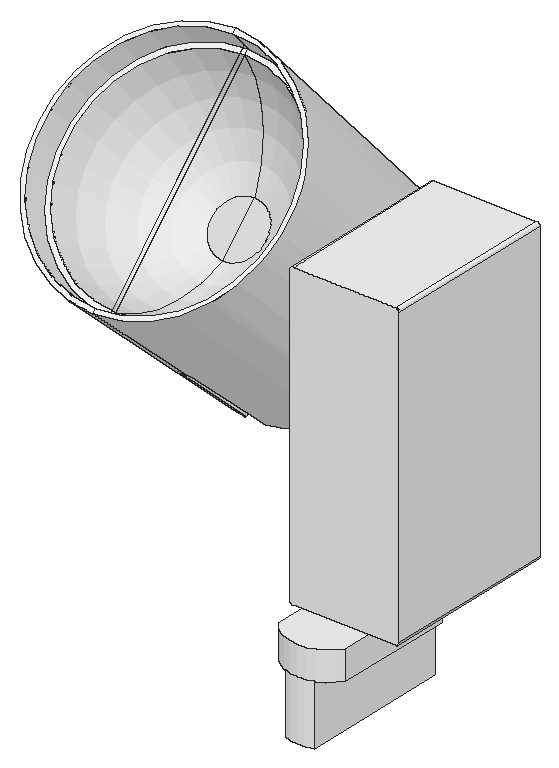
Revit family "0004869 Feilo Sylvania Lighting Fixture START TRACK SPOT L 55W 3K RA90 MB WHITE", category Lighting Fixtures, host Face, Revit 2017 (continued)
Definition of nested family "Start Track Spot Head"
  Types (96, lengths in mm): name | Wattage | built-in parameter 1150134 | Photometric Web File | Model | built-in parameter 1150105 | Lumens | built-in parameter 1150107 | built-in parameter 1150106 | HeadThickness_FEILO | HeadRibOffset_FEILO | HeadRibDepth_FEILO | HeadRibCutWidth_FEILO | HeadRibCutOffset_FEILO | HeadReflectorRadius_FEILO | HeadReflectorOffset_FEILO | HeadLEDRadius_FEILO | HeadHeight_FEILO | HeadDiffusorOffset_FEILO | HeadDiaOut_FEILO | HeadDiaIn_FEILO | HeadAxisFromTop_FEILO | Emit from Circle Diameter | built-in parameter 1150104 | Description | Apparent Load
    0004864 START TRACK SPOT S 24W 3K RA90 WB WHITE | 24 W | (empty or 0) | "0004864.ies" | "START TRACK SPOT S 24W 3K RA90 WB WHITE" | 152.79 (stored number, unit not read) | 1920 lm | 3000 (stored number, unit not read) | 1.5279 (stored number, unit not read) | 1.5 | 4.179 | 55.714 | 7.167 | 50.87 | 50.588 | 55.714 | 9.556 | 117 | 9.435 | 86 | 77.477 | 69.354 | 77.477 | 7.4322 (stored number, unit not read) | "Integrated LED spotlight, Textured White - RAL9016, compact and minimalist design, ideal for retail applications, die-cast aluminium body, passive cooling heatsink. Beam angle: 64°, color temperature: 3000K , total system power: 24W, total fixture output: 1928 lm, LOR: 100%, colour rendering: Ra: 90 typical, LED Chromaticity: 3 step MacAdam ellipse, lifetime: >50000 hours at L70B50, energy class: A++, A+, A, IR/UV free light source without heat radiation, operating voltage: 220-240V / 50-60Hz, drive current: 600mA, electronic driver, non-dimmable, power factor: 0.95, electrical protection: Class II, Global Track 3 Phase adapter suitable for Global trac 3-circuit tracks, ingress protection rating: IP20, suitable for internal environment only, horizontal rotation: 355°, vertical tilt: 90°, dimensions: Ø86x140x200, weight: 0.966kg." | 24 VA
    0004863 START TRACK SPOT S 24W 3K RA90 MB WHITE | 24 W | (empty or 0) | "0004863.ies" | "START TRACK SPOT S 24W 3K RA90 MB WHITE" | 154.7 (stored number, unit not read) | 1944 lm | 3000 (stored number, unit not read) | 1.547 (stored number, unit not read) | 1.5 | 4.179 | 55.714 | 7.167 | 50.87 | 50.588 | 55.714 | 9.556 | 117 | 9.435 | 86 | 77.477 | 69.354 | 77.477 | 7.5251 (stored number, unit not read) | "Integrated LED spotlight, Textured White - RAL9016, compact and minimalist design, ideal for retail applications, die-cast aluminium body, passive cooling heatsink. Beam angle: 36°, color temperature: 3000K , total system power: 24W, total fixture output: 1944 lm, LOR: 100%, colour rendering: Ra: 90 typical, LED Chromaticity: 3 step MacAdam ellipse, lifetime: >50000 hours at L70B50, energy class: A++, A+, A, IR/UV free light source without heat radiation, operating voltage: 220-240V / 50-60Hz, drive current: 600mA, electronic driver, non-dimmable, power factor: 0.95, electrical protection: Class II, Global Track 3 Phase adapter suitable for Global trac 3-circuit tracks, ingress protection rating: IP20, suitable for internal environment only, horizontal rotation: 355°, vertical tilt: 90°, dimensions: Ø86x140x200, weight: 0.966kg." | 24 VA
    0004862 START TRACK SPOT S 24W 3K RA90 NB WHITE | 24 W | (empty or 0) | "0004862.ies" | "START TRACK SPOT S 24W 3K RA90 NB WHITE" | 158.52 (stored number, unit not read) | 1992 lm | 3000 (stored number, unit not read) | 1.5852 (stored number, unit not read) | 1.5 | 4.179 | 55.714 | 7.167 | 50.87 | 50.588 | 55.714 | 9.556 | 117 | 9.435 | 86 | 77.477 | 69.354 | 77.477 | 7.711 (stored number, unit not read) | "Integrated LED spotlight, Textured White - RAL9016, compact and minimalist design, ideal for retail applications, die-cast aluminium body, passive cooling heatsink. Beam angle: 12°, color temperature: 3000K , total system power: 24W, total fixture output: 1987 lm, LOR: 100%, colour rendering: Ra: 90 typical, LED Chromaticity: 3 step MacAdam ellipse, lifetime: >50000 hours at L70B50, energy class: A++, A+, A, IR/UV free light source without heat radiation, operating voltage: 220-240V / 50-60Hz, drive current: 600mA, electronic driver, non-dimmable, power factor: 0.95, electrical protection: Class II, Global Track 3 Phase adapter suitable for Global trac 3-circuit tracks, ingress protection rating: IP20, suitable for internal environment only, horizontal rotation: 355°, vertical tilt: 90°, dimensions: Ø86x140x200, weight: 0.966kg." | 24 VA
    0004861 START TRACK SPOT S 14W 3K RA90 WB WHITE | 14 W | (empty or 0) | "0004861.ies" | "START TRACK SPOT S 14W 3K RA90 WB WHITE" | 100.27 (stored number, unit not read) | 1260 lm | 3000 (stored number, unit not read) | 1.0027 (stored number, unit not read) | 1.5 | 4.179 | 55.714 | 7.167 | 50.87 | 50.588 | 55.714 | 9.556 | 117 | 9.435 | 86 | 77.477 | 69.354 | 77.477 | 8.3613 (stored number, unit not read) | "Integrated LED spotlight, Textured White - RAL9016, compact and minimalist design, ideal for retail applications, die-cast aluminium body, passive cooling heatsink. Beam angle: 64°, color temperature: 3000K , total system power: 14W, total fixture output: 1262 lm, LOR: 100%, colour rendering: Ra: 90 typical, LED Chromaticity: 3 step MacAdam ellipse, lifetime: >50000 hours at L70B50, energy class: A++, A+, A, IR/UV free light source without heat radiation, operating voltage: 220-240V / 50-60Hz, drive current: 350mA, electronic driver, non-dimmable, power factor: 0.92, electrical protection: Class II, Global Track 3 Phase adapter suitable for Global trac 3-circuit tracks, ingress protection rating: IP20, suitable for internal environment only, horizontal rotation: 355°, vertical tilt: 90°, dimensions: Ø86x140x200, weight: 0.940kg." | 14 VA
    0004860 START TRACK SPOT S 14W 3K RA90 MB WHITE | 14 W | (empty or 0) | "0004860.ies" | "START TRACK SPOT S 14W 3K RA90 MB WHITE" | 100.27 (stored number, unit not read) | 1260 lm | 3000 (stored number, unit not read) | 1.0027 (stored number, unit not read) | 1.5 | 4.179 | 55.714 | 7.167 | 50.87 | 50.588 | 55.714 | 9.556 | 117 | 9.435 | 86 | 77.477 | 69.354 | 77.477 | 8.3613 (stored number, unit not read) | "Integrated LED spotlight, Textured White - RAL9016, compact and minimalist design, ideal for retail applications, die-cast aluminium body, passive cooling heatsink. Beam angle: 36°, color temperature: 3000K , total system power: 14W, total fixture output: 1262 lm, LOR: 100%, colour rendering: Ra: 90 typical, LED Chromaticity: 3 step MacAdam ellipse, lifetime: >50000 hours at L70B50, energy class: A++, A+, A, IR/UV free light source without heat radiation, operating voltage: 220-240V / 50-60Hz, drive current: 350mA, electronic driver, non-dimmable, power factor: 0.92, electrical protection: Class II, Global Track 3 Phase adapter suitable for Global trac 3-circuit tracks, ingress protection rating: IP20, suitable for internal environment only, horizontal rotation: 355°, vertical tilt: 90°, dimensions: Ø86x140x200, weight: 0.940kg." | 14 VA
    0004859 START TRACK SPOT S 14W 3K RA90 NB WHITE | 14 W | (empty or 0) | "0004859.ies" | "START TRACK SPOT S 14W 3K RA90 NB WHITE" | 102.5 (stored number, unit not read) | 1288 lm | 3000 (stored number, unit not read) | 1.025 (stored number, unit not read) | 1.5 | 4.179 | 55.714 | 7.167 | 50.87 | 50.588 | 55.714 | 9.556 | 117 | 9.435 | 86 | 77.477 | 69.354 | 77.477 | 8.5471 (stored number, unit not read) | "Integrated LED spotlight, Textured White - RAL9016, compact and minimalist design, ideal for retail applications, die-cast aluminium body, passive cooling heatsink. Beam angle: 12°, color temperature: 3000K , total system power: 14W, total fixture output: 1284 lm, LOR: 100%, colour rendering: Ra: 90 typical, LED Chromaticity: 3 step MacAdam ellipse, lifetime: >50000 hours at L70B50, energy class: A++, A+, A, IR/UV free light source without heat radiation, operating voltage: 220-240V / 50-60Hz, drive current: 350mA, electronic driver, non-dimmable, power factor: 0.92, electrical protection: Class II, Global Track 3 Phase adapter suitable for Global trac 3-circuit tracks, ingress protection rating: IP20, suitable for internal environment only, horizontal rotation: 355°, vertical tilt: 90°, dimensions: Ø86x140x200, weight: 0.940kg." | 14 VA
    0004858 START TRACK SPOT L 55W 4K RA80 WB BLACK | 55 W | 12 | "0004858.ies" | "START TRACK SPOT L 55W 4K RA80 WB BLACK" | 424.55 (stored number, unit not read) | 5335 lm | 4000 (stored number, unit not read) | 4.2455 (stored number, unit not read) | 2 | 4.429 | 59.048 | 9.417 | 53.913 | 66.471 | 59.048 | 12.556 | 124 | 10 | 113 | 101.802 | 73.503 | 101.802 | 9.0116 (stored number, unit not read) | "Integrated LED spotlight, Textured Black - RAL9005, compact and minimalist design, ideal for retail applications, die-cast aluminium body, passive cooling heatsink. Beam angle: 52°, color temperature: 4000K , total system power: 55W, total fixture output: 5320 lm, LOR: 100%, colour rendering: Ra: 80 typical, LED Chromaticity: 3 step MacAdam ellipse, lifetime: >50000 hours at L70B50, energy class: A++, A+, A, IR/UV free light source without heat radiation, operating voltage: 220-240V / 50-60Hz, drive current: 1400mA, electronic driver, non-dimmable, power factor: 0.96, electrical protection: Class II, Global Track 3 Phase adapter suitable for Global trac 3-circuit tracks, ingress protection rating: IP20, suitable for internal environment only, horizontal rotation: 355°, vertical tilt: 90°, dimensions: Ø113x164x240, weight: 1.398kg." | 55 VA
    0004857 START TRACK SPOT L 55W 4K RA80 MB BLACK | 55 W | 12 | "0004857.ies" | "START TRACK SPOT L 55W 4K RA80 MB BLACK" | 428.92 (stored number, unit not read) | 5390 lm | 4000 (stored number, unit not read) | 4.2892 (stored number, unit not read) | 2 | 4.429 | 59.048 | 9.417 | 53.913 | 66.471 | 59.048 | 12.556 | 124 | 10 | 113 | 101.802 | 73.503 | 101.802 | 9.1045 (stored number, unit not read) | "Integrated LED spotlight, Textured Black - RAL9005, compact and minimalist design, ideal for retail applications, die-cast aluminium body, passive cooling heatsink. Beam angle: 38°, color temperature: 4000K , total system power: 55W, total fixture output: 5378 lm, LOR: 100%, colour rendering: Ra: 80 typical, LED Chromaticity: 3 step MacAdam ellipse, lifetime: >50000 hours at L70B50, energy class: A++, A+, A, IR/UV free light source without heat radiation, operating voltage: 220-240V / 50-60Hz, drive current: 1400mA, electronic driver, non-dimmable, power factor: 0.96, electrical protection: Class II, Global Track 3 Phase adapter suitable for Global trac 3-circuit tracks, ingress protection rating: IP20, suitable for internal environment only, horizontal rotation: 355°, vertical tilt: 90°, dimensions: Ø113x164x240, weight: 1.398kg." | 55 VA
    0004856 START TRACK SPOT L 55W 4K RA80 NB BLACK | 55 W | 12 | "0004856.ies" | "START TRACK SPOT L 55W 4K RA80 NB BLACK" | 433.3 (stored number, unit not read) | 5445 lm | 4000 (stored number, unit not read) | 4.333 (stored number, unit not read) | 2 | 4.429 | 59.048 | 9.417 | 53.913 | 66.471 | 59.048 | 12.556 | 124 | 10 | 113 | 101.802 | 73.503 | 101.802 | 9.1974 (stored number, unit not read) | "Integrated LED spotlight, Textured Black - RAL9005, compact and minimalist design, ideal for retail applications, die-cast aluminium body, passive cooling heatsink. Beam angle: 15°, color temperature: 4000K , total system power: 55W, total fixture output: 5426 lm, LOR: 100%, colour rendering: Ra: 80 typical, LED Chromaticity: 3 step MacAdam ellipse, lifetime: >50000 hours at L70B50, energy class: A++, A+, A, IR/UV free light source without heat radiation, operating voltage: 220-240V / 50-60Hz, drive current: 1400mA, electronic driver, non-dimmable, power factor: 0.96, electrical protection: Class II, Global Track 3 Phase adapter suitable for Global trac 3-circuit tracks, ingress protection rating: IP20, suitable for internal environment only, horizontal rotation: 355°, vertical tilt: 90°, dimensions: Ø113x164x240, weight: 1.398kg." | 55 VA
    0004855 START TRACK SPOT L 35W 4K RA80 WB BLACK | 35 W | 12 | "0004855.ies" | "START TRACK SPOT L 35W 4K RA80 WB BLACK" | 320.3 (stored number, unit not read) | 4025 lm | 4000 (stored number, unit not read) | 3.203 (stored number, unit not read) | 2 | 4.429 | 59.048 | 9.417 | 53.913 | 66.471 | 59.048 | 12.556 | 124 | 10 | 113 | 101.802 | 73.503 | 101.802 | 10.684 (stored number, unit not read) | "Integrated LED spotlight, Textured Black - RAL9005, compact and minimalist design, ideal for retail applications, die-cast aluminium body, passive cooling heatsink. Beam angle: 52°, color temperature: 4000K , total system power: 35W, total fixture output: 4010 lm, LOR: 100%, colour rendering: Ra: 80 typical, LED Chromaticity: 3 step MacAdam ellipse, lifetime: >50000 hours at L70B50, energy class: A++, A+, A, IR/UV free light source without heat radiation, operating voltage: 220-240V / 50-60Hz, drive current: 900mA, electronic driver, non-dimmable, power factor: 0.93, electrical protection: Class II, Global Track 3 Phase adapter suitable for Global trac 3-circuit tracks, ingress protection rating: IP20, suitable for internal environment only, horizontal rotation: 355°, vertical tilt: 90°, dimensions: Ø113x164x240, weight: 1.368kg." | 35 VA
    0004854 START TRACK SPOT L 35W 4K RA80 MB BLACK | 35 W | 12 | "0004854.ies" | "START TRACK SPOT L 35W 4K RA80 MB BLACK" | 320.3 (stored number, unit not read) | 4025 lm | 4000 (stored number, unit not read) | 3.203 (stored number, unit not read) | 2 | 4.429 | 59.048 | 9.417 | 53.913 | 66.471 | 59.048 | 12.556 | 124 | 10 | 113 | 101.802 | 73.503 | 101.802 | 10.684 (stored number, unit not read) | "Integrated LED spotlight, Textured Black - RAL9005, compact and minimalist design, ideal for retail applications, die-cast aluminium body, passive cooling heatsink. Beam angle: 38°, color temperature: 4000K , total system power: 35W, total fixture output: 4017 lm, LOR: 100%, colour rendering: Ra: 80 typical, LED Chromaticity: 3 step MacAdam ellipse, lifetime: >50000 hours at L70B50, energy class: A++, A+, A, IR/UV free light source without heat radiation, operating voltage: 220-240V / 50-60Hz, drive current: 900mA, electronic driver, non-dimmable, power factor: 0.93, electrical protection: Class II, Global Track 3 Phase adapter suitable for Global trac 3-circuit tracks, ingress protection rating: IP20, suitable for internal environment only, horizontal rotation: 355°, vertical tilt: 90°, dimensions: Ø113x164x240, weight: 1.368kg." | 35 VA
    0004853 START TRACK SPOT L 35W 4K RA80 NB BLACK | 35 W | 12 | "0004853.ies" | "START TRACK SPOT L 35W 4K RA80 NB BLACK" | 331.44 (stored number, unit not read) | 4165 lm | 4000 (stored number, unit not read) | 3.3144 (stored number, unit not read) | 2 | 4.429 | 59.048 | 9.417 | 53.913 | 66.471 | 59.048 | 12.556 | 124 | 10 | 113 | 101.802 | 73.503 | 101.802 | 11.055 (stored number, unit not read) | "Integrated LED spotlight, Textured Black - RAL9005, compact and minimalist design, ideal for retail applications, die-cast aluminium body, passive cooling heatsink. Beam angle: 15°, color temperature: 4000K , total system power: 35W, total fixture output: 4174 lm, LOR: 100%, colour rendering: Ra: 80 typical, LED Chromaticity: 3 step MacAdam ellipse, lifetime: >50000 hours at L70B50, energy class: A++, A+, A, IR/UV free light source without heat radiation, operating voltage: 220-240V / 50-60Hz, drive current: 900mA, electronic driver, non-dimmable, power factor: 0.93, electrical protection: Class II, Global Track 3 Phase adapter suitable for Global trac 3-circuit tracks, ingress protection rating: IP20, suitable for internal environment only, horizontal rotation: 355°, vertical tilt: 90°, dimensions: Ø113x164x240, weight: 1.368kg." | 35 VA
    0004852 START TRACK SPOT S 24W 4K RA80 WB BLACK | 24 W | 12 | "0004852.ies" | "START TRACK SPOT S 24W 4K RA80 WB BLACK" | 196.72 (stored number, unit not read) | 2472 lm | 4000 (stored number, unit not read) | 1.9672 (stored number, unit not read) | 1.5 | 4.179 | 55.714 | 7.167 | 50.87 | 50.588 | 55.714 | 9.556 | 117 | 9.435 | 86 | 77.477 | 69.354 | 77.477 | 9.569 (stored number, unit not read) | "Integrated LED spotlight, Textured Black - RAL9005, compact and minimalist design, ideal for retail applications, die-cast aluminium body, passive cooling heatsink. Beam angle: 64°, color temperature: 4000K , total system power: 24W, total fixture output: 2476 lm, LOR: 100%, colour rendering: Ra: 80 typical, LED Chromaticity: 3 step MacAdam ellipse, lifetime: >50000 hours at L70B50, energy class: A++, A+, A, IR/UV free light source without heat radiation, operating voltage: 220-240V / 50-60Hz, drive current: 600mA, electronic driver, non-dimmable, power factor: 0.95, electrical protection: Class II, Global Track 3 Phase adapter suitable for Global trac 3-circuit tracks, ingress protection rating: IP20, suitable for internal environment only, horizontal rotation: 355°, vertical tilt: 90°, dimensions: Ø86x140x200, weight: 0.966kg." | 24 VA
    0004851 START TRACK SPOT S 24W 4K RA80 MB BLACK | 24 W | 12 | "0004851.ies" | "START TRACK SPOT S 24W 4K RA80 MB BLACK" | 198.63 (stored number, unit not read) | 2496 lm | 4000 (stored number, unit not read) | 1.9863 (stored number, unit not read) | 1.5 | 4.179 | 55.714 | 7.167 | 50.87 | 50.588 | 55.714 | 9.556 | 117 | 9.435 | 86 | 77.477 | 69.354 | 77.477 | 9.6619 (stored number, unit not read) | "Integrated LED spotlight, Textured Black - RAL9005, compact and minimalist design, ideal for retail applications, die-cast aluminium body, passive cooling heatsink. Beam angle: 36°, color temperature: 4000K , total system power: 24W, total fixture output: 2487 lm, LOR: 100%, colour rendering: Ra: 80 typical, LED Chromaticity: 3 step MacAdam ellipse, lifetime: >50000 hours at L70B50, energy class: A++, A+, A, IR/UV free light source without heat radiation, operating voltage: 220-240V / 50-60Hz, drive current: 600mA, electronic driver, non-dimmable, power factor: 0.95, electrical protection: Class II, Global Track 3 Phase adapter suitable for Global trac 3-circuit tracks, ingress protection rating: IP20, suitable for internal environment only, horizontal rotation: 355°, vertical tilt: 90°, dimensions: Ø86x140x200, weight: 0.966kg." | 24 VA
    0004850 START TRACK SPOT S 24W 4K RA80 NB BLACK | 24 W | 12 | "0004850.ies" | "START TRACK SPOT S 24W 4K RA80 NB BLACK" | 200.54 (stored number, unit not read) | 2520 lm | 4000 (stored number, unit not read) | 2.0054 (stored number, unit not read) | 1.5 | 4.179 | 55.714 | 7.167 | 50.87 | 50.588 | 55.714 | 9.556 | 117 | 9.435 | 86 | 77.477 | 69.354 | 77.477 | 9.7548 (stored number, unit not read) | "Integrated LED spotlight, Textured Black - RAL9005, compact and minimalist design, ideal for retail applications, die-cast aluminium body, passive cooling heatsink. Beam angle: 12°, color temperature: 4000K , total system power: 24W, total fixture output: 2529 lm, LOR: 100%, colour rendering: Ra: 80 typical, LED Chromaticity: 3 step MacAdam ellipse, lifetime: >50000 hours at L70B50, energy class: A++, A+, A, IR/UV free light source without heat radiation, operating voltage: 220-240V / 50-60Hz, drive current: 600mA, electronic driver, non-dimmable, power factor: 0.95, electrical protection: Class II, Global Track 3 Phase adapter suitable for Global trac 3-circuit tracks, ingress protection rating: IP20, suitable for internal environment only, horizontal rotation: 355°, vertical tilt: 90°, dimensions: Ø86x140x200, weight: 0.966kg." | 24 VA
    0004849 START TRACK SPOT S 14W 4K RA80 WB BLACK | 14 W | 12 | "0004849.ies" | "START TRACK SPOT S 14W 4K RA80 WB BLACK" | 123.66 (stored number, unit not read) | 1554 lm | 4000 (stored number, unit not read) | 1.2366 (stored number, unit not read) | 1.5 | 4.179 | 55.714 | 7.167 | 50.87 | 50.588 | 55.714 | 9.556 | 117 | 9.435 | 86 | 77.477 | 69.354 | 77.477 | 10.312 (stored number, unit not read) | "Integrated LED spotlight, Textured Black - RAL9005, compact and minimalist design, ideal for retail applications, die-cast aluminium body, passive cooling heatsink. Beam angle: 64°, color temperature: 4000K , total system power: 14W, total fixture output: 1558 lm, LOR: 100%, colour rendering: Ra: 80 typical, LED Chromaticity: 3 step MacAdam ellipse, lifetime: >50000 hours at L70B50, energy class: A++, A+, A, IR/UV free light source without heat radiation, operating voltage: 220-240V / 50-60Hz, drive current: 350mA, electronic driver, non-dimmable, power factor: 0.92, electrical protection: Class II, Global Track 3 Phase adapter suitable for Global trac 3-circuit tracks, ingress protection rating: IP20, suitable for internal environment only, horizontal rotation: 355°, vertical tilt: 90°, dimensions: Ø86x140x200, weight: 0.940kg." | 14 VA
    0004848 START TRACK SPOT S 14W 4K RA80 MB BLACK | 14 W | 12 | "0004848.ies" | "START TRACK SPOT S 14W 4K RA80 MB BLACK" | 127.01 (stored number, unit not read) | 1596 lm | 4000 (stored number, unit not read) | 1.2701 (stored number, unit not read) | 1.5 | 4.179 | 55.714 | 7.167 | 50.87 | 50.588 | 55.714 | 9.556 | 117 | 9.435 | 86 | 77.477 | 69.354 | 77.477 | 10.591 (stored number, unit not read) | "Integrated LED spotlight, Textured Black - RAL9005, compact and minimalist design, ideal for retail applications, die-cast aluminium body, passive cooling heatsink. Beam angle: 36°, color temperature: 4000K , total system power: 14W, total fixture output: 1598 lm, LOR: 100%, colour rendering: Ra: 80 typical, LED Chromaticity: 3 step MacAdam ellipse, lifetime: >50000 hours at L70B50, energy class: A++, A+, A, IR/UV free light source without heat radiation, operating voltage: 220-240V / 50-60Hz, drive current: 350mA, electronic driver, non-dimmable, power factor: 0.92, electrical protection: Class II, Global Track 3 Phase adapter suitable for Global trac 3-circuit tracks, ingress protection rating: IP20, suitable for internal environment only, horizontal rotation: 355°, vertical tilt: 90°, dimensions: Ø86x140x200, weight: 0.940kg." | 14 VA
    0004847 START TRACK SPOT S 14W 4K RA80 NB BLACK | 14 W | 12 | "0004847.ies" | "START TRACK SPOT S 14W 4K RA80 NB BLACK" | 128.12 (stored number, unit not read) | 1610 lm | 4000 (stored number, unit not read) | 1.2812 (stored number, unit not read) | 1.5 | 4.179 | 55.714 | 7.167 | 50.87 | 50.588 | 55.714 | 9.556 | 117 | 9.435 | 86 | 77.477 | 69.354 | 77.477 | 10.684 (stored number, unit not read) | "Integrated LED spotlight, Textured Black - RAL9005, compact and minimalist design, ideal for retail applications, die-cast aluminium body, passive cooling heatsink. Beam angle: 12°, color temperature: 4000K , total system power: 14W, total fixture output: 1608 lm, LOR: 100%, colour rendering: Ra: 80 typical, LED Chromaticity: 3 step MacAdam ellipse, lifetime: >50000 hours at L70B50, energy class: A++, A+, A, IR/UV free light source without heat radiation, operating voltage: 220-240V / 50-60Hz, drive current: 350mA, electronic driver, non-dimmable, power factor: 0.92, electrical protection: Class II, Global Track 3 Phase adapter suitable for Global trac 3-circuit tracks, ingress protection rating: IP20, suitable for internal environment only, horizontal rotation: 355°, vertical tilt: 90°, dimensions: Ø86x140x200, weight: 0.940kg." | 14 VA
    0004846 START TRACK SPOT L 55W 3K RA80 WB BLACK | 55 W | (empty or 0) | "0004846.ies" | "START TRACK SPOT L 55W 3K RA80 WB BLACK" | 420.17 (stored number, unit not read) | 5280 lm | 3000 (stored number, unit not read) | 4.2017 (stored number, unit not read) | 2 | 4.429 | 59.048 | 9.417 | 53.913 | 66.471 | 59.048 | 12.556 | 124 | 10 | 113 | 101.802 | 73.503 | 101.802 | 8.9187 (stored number, unit not read) | "Integrated LED spotlight, Textured Black - RAL9005, compact and minimalist design, ideal for retail applications, die-cast aluminium body, passive cooling heatsink. Beam angle: 52°, color temperature: 3000K , total system power: 55W, total fixture output: 5298 lm, LOR: 100%, colour rendering: Ra: 80 typical, LED Chromaticity: 3 step MacAdam ellipse, lifetime: >50000 hours at L70B50, energy class: A++, A+, A, IR/UV free light source without heat radiation, operating voltage: 220-240V / 50-60Hz, drive current: 1400mA, electronic driver, non-dimmable, power factor: 0.96, electrical protection: Class II, Global Track 3 Phase adapter suitable for Global trac 3-circuit tracks, ingress protection rating: IP20, suitable for internal environment only, horizontal rotation: 355°, vertical tilt: 90°, dimensions: Ø113x164x240, weight: 1.398kg." | 55 VA
    0004845 START TRACK SPOT L 55W 3K RA80 MB BLACK | 55 W | (empty or 0) | "0004845.ies" | "START TRACK SPOT L 55W 3K RA80 MB BLACK" | 428.92 (stored number, unit not read) | 5390 lm | 3000 (stored number, unit not read) | 4.2892 (stored number, unit not read) | 2 | 4.429 | 59.048 | 9.417 | 53.913 | 66.471 | 59.048 | 12.556 | 124 | 10 | 113 | 101.802 | 73.503 | 101.802 | 9.1045 (stored number, unit not read) | "Integrated LED spotlight, Textured Black - RAL9005, compact and minimalist design, ideal for retail applications, die-cast aluminium body, passive cooling heatsink. Beam angle: 38°, color temperature: 3000K , total system power: 55W, total fixture output: 5381 lm, LOR: 100%, colour rendering: Ra: 80 typical, LED Chromaticity: 3 step MacAdam ellipse, lifetime: >50000 hours at L70B50, energy class: A++, A+, A, IR/UV free light source without heat radiation, operating voltage: 220-240V / 50-60Hz, drive current: 1400mA, electronic driver, non-dimmable, power factor: 0.96, electrical protection: Class II, Global Track 3 Phase adapter suitable for Global trac 3-circuit tracks, ingress protection rating: IP20, suitable for internal environment only, horizontal rotation: 355°, vertical tilt: 90°, dimensions: Ø113x164x240, weight: 1.398kg." | 55 VA
    0004844 START TRACK SPOT L 55W 3K RA80 NB BLACK | 55 W | (empty or 0) | "0004844.ies" | "START TRACK SPOT L 55W 3K RA80 NB BLACK" | 433.3 (stored number, unit not read) | 5445 lm | 3000 (stored number, unit not read) | 4.333 (stored number, unit not read) | 2 | 4.429 | 59.048 | 9.417 | 53.913 | 66.471 | 59.048 | 12.556 | 124 | 10 | 113 | 101.802 | 73.503 | 101.802 | 9.1974 (stored number, unit not read) | "Integrated LED spotlight, Textured Black - RAL9005, compact and minimalist design, ideal for retail applications, die-cast aluminium body, passive cooling heatsink. Beam angle: 15°, color temperature: 3000K , total system power: 55W, total fixture output: 5449 lm, LOR: 100%, colour rendering: Ra: 80 typical, LED Chromaticity: 3 step MacAdam ellipse, lifetime: >50000 hours at L70B50, energy class: A++, A+, A, IR/UV free light source without heat radiation, operating voltage: 220-240V / 50-60Hz, drive current: 1400mA, electronic driver, non-dimmable, power factor: 0.96, electrical protection: Class II, Global Track 3 Phase adapter suitable for Global trac 3-circuit tracks, ingress protection rating: IP20, suitable for internal environment only, horizontal rotation: 355°, vertical tilt: 90°, dimensions: Ø113x164x240, weight: 1.398kg." | 55 VA
    0004843 START TRACK SPOT L 35W 3K RA80 WB BLACK | 35 W | (empty or 0) | "0004843.ies" | "START TRACK SPOT L 35W 3K RA80 WB BLACK" | 314.73 (stored number, unit not read) | 3955 lm | 3000 (stored number, unit not read) | 3.1473 (stored number, unit not read) | 2 | 4.429 | 59.048 | 9.417 | 53.913 | 66.471 | 59.048 | 12.556 | 124 | 10 | 113 | 101.802 | 73.503 | 101.802 | 10.498 (stored number, unit not read) | "Integrated LED spotlight, Textured Black - RAL9005, compact and minimalist design, ideal for retail applications, die-cast aluminium body, passive cooling heatsink. Beam angle: 52°, color temperature: 3000K , total system power: 35W, total fixture output: 3943 lm, LOR: 100%, colour rendering: Ra: 80 typical, LED Chromaticity: 3 step MacAdam ellipse, lifetime: >50000 hours at L70B50, energy class: A++, A+, A, IR/UV free light source without heat radiation, operating voltage: 220-240V / 50-60Hz, drive current: 900mA, electronic driver, non-dimmable, power factor: 0.93, electrical protection: Class II, Global Track 3 Phase adapter suitable for Global trac 3-circuit tracks, ingress protection rating: IP20, suitable for internal environment only, horizontal rotation: 355°, vertical tilt: 90°, dimensions: Ø113x164x240, weight: 1.368kg." | 35 VA
    0004842 START TRACK SPOT L 35W 3K RA80 MB BLACK | 35 W | (empty or 0) | "0004842.ies" | "START TRACK SPOT L 35W 3K RA80 MB BLACK" | 320.3 (stored number, unit not read) | 4025 lm | 3000 (stored number, unit not read) | 3.203 (stored number, unit not read) | 2 | 4.429 | 59.048 | 9.417 | 53.913 | 66.471 | 59.048 | 12.556 | 124 | 10 | 113 | 101.802 | 73.503 | 101.802 | 10.684 (stored number, unit not read) | "Integrated LED spotlight, Textured Black - RAL9005, compact and minimalist design, ideal for retail applications, die-cast aluminium body, passive cooling heatsink. Beam angle: 38°, color temperature: 3000K , total system power: 35W, total fixture output: 4008 lm, LOR: 100%, colour rendering: Ra: 80 typical, LED Chromaticity: 3 step MacAdam ellipse, lifetime: >50000 hours at L70B50, energy class: A++, A+, A, IR/UV free light source without heat radiation, operating voltage: 220-240V / 50-60Hz, drive current: 900mA, electronic driver, non-dimmable, power factor: 0.93, electrical protection: Class II, Global Track 3 Phase adapter suitable for Global trac 3-circuit tracks, ingress protection rating: IP20, suitable for internal environment only, horizontal rotation: 355°, vertical tilt: 90°, dimensions: Ø113x164x240, weight: 1.368kg." | 35 VA
    0004841 START TRACK SPOT L 35W 3K RA80 NB BLACK | 35 W | (empty or 0) | "0004841.ies" | "START TRACK SPOT L 35W 3K RA80 NB BLACK" | 317.51 (stored number, unit not read) | 3990 lm | 3000 (stored number, unit not read) | 3.1751 (stored number, unit not read) | 2 | 4.429 | 59.048 | 9.417 | 53.913 | 66.471 | 59.048 | 12.556 | 124 | 10 | 113 | 101.802 | 73.503 | 101.802 | 10.591 (stored number, unit not read) | "Integrated LED spotlight, Textured Black - RAL9005, compact and minimalist design, ideal for retail applications, die-cast aluminium body, passive cooling heatsink. Beam angle: 15°, color temperature: 3000K , total system power: 35W, total fixture output: 4005 lm, LOR: 100%, colour rendering: Ra: 80 typical, LED Chromaticity: 3 step MacAdam ellipse, lifetime: >50000 hours at L70B50, energy class: A++, A+, A, IR/UV free light source without heat radiation, operating voltage: 220-240V / 50-60Hz, drive current: 900mA, electronic driver, non-dimmable, power factor: 0.93, electrical protection: Class II, Global Track 3 Phase adapter suitable for Global trac 3-circuit tracks, ingress protection rating: IP20, suitable for internal environment only, horizontal rotation: 355°, vertical tilt: 90°, dimensions: Ø113x164x240, weight: 1.368kg." | 35 VA
    0004840 START TRACK SPOT S 24W 3K RA80 WB BLACK | 24 W | (empty or 0) | "0004840.ies" | "START TRACK SPOT S 24W 3K RA80 WB BLACK" | 185.26 (stored number, unit not read) | 2328 lm | 3000 (stored number, unit not read) | 1.8526 (stored number, unit not read) | 1.5 | 4.179 | 55.714 | 7.167 | 50.87 | 50.588 | 55.714 | 9.556 | 117 | 9.435 | 86 | 77.477 | 69.354 | 77.477 | 9.0116 (stored number, unit not read) | "Integrated LED spotlight, Textured Black - RAL9005, compact and minimalist design, ideal for retail applications, die-cast aluminium body, passive cooling heatsink. Beam angle: 64°, color temperature: 3000K , total system power: 24W, total fixture output: 2318 lm, LOR: 100%, colour rendering: Ra: 80 typical, LED Chromaticity: 3 step MacAdam ellipse, lifetime: >50000 hours at L70B50, energy class: A++, A+, A, IR/UV free light source without heat radiation, operating voltage: 220-240V / 50-60Hz, drive current: 600mA, electronic driver, non-dimmable, power factor: 0.95, electrical protection: Class II, Global Track 3 Phase adapter suitable for Global trac 3-circuit tracks, ingress protection rating: IP20, suitable for internal environment only, horizontal rotation: 355°, vertical tilt: 90°, dimensions: Ø86x140x200, weight: 0.966kg." | 24 VA
    0004839 START TRACK SPOT S 24W 3K RA80 MB BLACK | 24 W | (empty or 0) | "0004839.ies" | "START TRACK SPOT S 24W 3K RA80 MB BLACK" | 183.35 (stored number, unit not read) | 2304 lm | 3000 (stored number, unit not read) | 1.8335 (stored number, unit not read) | 1.5 | 4.179 | 55.714 | 7.167 | 50.87 | 50.588 | 55.714 | 9.556 | 117 | 9.435 | 86 | 77.477 | 69.354 | 77.477 | 8.9187 (stored number, unit not read) | "Integrated LED spotlight, Textured Black - RAL9005, compact and minimalist design, ideal for retail applications, die-cast aluminium body, passive cooling heatsink. Beam angle: 36°, color temperature: 3000K , total system power: 24W, total fixture output: 2314 lm, LOR: 100%, colour rendering: Ra: 80 typical, LED Chromaticity: 3 step MacAdam ellipse, lifetime: >50000 hours at L70B50, energy class: A++, A+, A, IR/UV free light source without heat radiation, operating voltage: 220-240V / 50-60Hz, drive current: 600mA, electronic driver, non-dimmable, power factor: 0.95, electrical protection: Class II, Global Track 3 Phase adapter suitable for Global trac 3-circuit tracks, ingress protection rating: IP20, suitable for internal environment only, horizontal rotation: 355°, vertical tilt: 90°, dimensions: Ø86x140x200, weight: 0.966kg." | 24 VA
    0004838 START TRACK SPOT S 24W 3K RA80 NB BLACK | 24 W | (empty or 0) | "0004838.ies" | "START TRACK SPOT S 24W 3K RA80 NB BLACK" | 185.26 (stored number, unit not read) | 2328 lm | 3000 (stored number, unit not read) | 1.8526 (stored number, unit not read) | 1.5 | 4.179 | 55.714 | 7.167 | 50.87 | 50.588 | 55.714 | 9.556 | 117 | 9.435 | 86 | 77.477 | 69.354 | 77.477 | 9.0116 (stored number, unit not read) | "Integrated LED spotlight, Textured Black - RAL9005, compact and minimalist design, ideal for retail applications, die-cast aluminium body, passive cooling heatsink. Beam angle: 12°, color temperature: 3000K , total system power: 24W, total fixture output: 2334 lm, LOR: 100%, colour rendering: Ra: 80 typical, LED Chromaticity: 3 step MacAdam ellipse, lifetime: >50000 hours at L70B50, energy class: A++, A+, A, IR/UV free light source without heat radiation, operating voltage: 220-240V / 50-60Hz, drive current: 600mA, electronic driver, non-dimmable, power factor: 0.95, electrical protection: Class II, Global Track 3 Phase adapter suitable for Global trac 3-circuit tracks, ingress protection rating: IP20, suitable for internal environment only, horizontal rotation: 355°, vertical tilt: 90°, dimensions: Ø86x140x200, weight: 0.966kg." | 24 VA
    0004837 START TRACK SPOT S 14W 3K RA80 WB BLACK | 14 W | (empty or 0) | "0004837.ies" | "START TRACK SPOT S 14W 3K RA80 WB BLACK" | 119.21 (stored number, unit not read) | 1498 lm | 3000 (stored number, unit not read) | 1.1921 (stored number, unit not read) | 1.5 | 4.179 | 55.714 | 7.167 | 50.87 | 50.588 | 55.714 | 9.556 | 117 | 9.435 | 86 | 77.477 | 69.354 | 77.477 | 9.9406 (stored number, unit not read) | "Integrated LED spotlight, Textured Black - RAL9005, compact and minimalist design, ideal for retail applications, die-cast aluminium body, passive cooling heatsink. Beam angle: 64°, color temperature: 3000K , total system power: 14W, total fixture output: 1498 lm, LOR: 100%, colour rendering: Ra: 80 typical, LED Chromaticity: 3 step MacAdam ellipse, lifetime: >50000 hours at L70B50, energy class: A++, A+, A, IR/UV free light source without heat radiation, operating voltage: 220-240V / 50-60Hz, drive current: 350mA, electronic driver, non-dimmable, power factor: 0.92, electrical protection: Class II, Global Track 3 Phase adapter suitable for Global trac 3-circuit tracks, ingress protection rating: IP20, suitable for internal environment only, horizontal rotation: 355°, vertical tilt: 90°, dimensions: Ø86x140x200, weight: 0.940kg." | 14 VA
    0004836 START TRACK SPOT S 14W 3K RA80 MB BLACK | 14 W | (empty or 0) | "0004836.ies" | "START TRACK SPOT S 14W 3K RA80 MB BLACK" | 120.32 (stored number, unit not read) | 1512 lm | 3000 (stored number, unit not read) | 1.2032 (stored number, unit not read) | 1.5 | 4.179 | 55.714 | 7.167 | 50.87 | 50.588 | 55.714 | 9.556 | 117 | 9.435 | 86 | 77.477 | 69.354 | 77.477 | 10.034 (stored number, unit not read) | "Integrated LED spotlight, Textured Black - RAL9005, compact and minimalist design, ideal for retail applications, die-cast aluminium body, passive cooling heatsink. Beam angle: 36°, color temperature: 3000K , total system power: 14W, total fixture output: 1508 lm, LOR: 100%, colour rendering: Ra: 80 typical, LED Chromaticity: 3 step MacAdam ellipse, lifetime: >50000 hours at L70B50, energy class: A++, A+, A, IR/UV free light source without heat radiation, operating voltage: 220-240V / 50-60Hz, drive current: 350mA, electronic driver, non-dimmable, power factor: 0.92, electrical protection: Class II, Global Track 3 Phase adapter suitable for Global trac 3-circuit tracks, ingress protection rating: IP20, suitable for internal environment only, horizontal rotation: 355°, vertical tilt: 90°, dimensions: Ø86x140x200, weight: 0.940kg." | 14 VA
    0004835 START TRACK SPOT S 14W 3K RA80 NB BLACK | 14 W | (empty or 0) | "0004835.ies" | "START TRACK SPOT S 14W 3K RA80 NB BLACK" | 123.66 (stored number, unit not read) | 1554 lm | 3000 (stored number, unit not read) | 1.2366 (stored number, unit not read) | 1.5 | 4.179 | 55.714 | 7.167 | 50.87 | 50.588 | 55.714 | 9.556 | 117 | 9.435 | 86 | 77.477 | 69.354 | 77.477 | 10.312 (stored number, unit not read) | "Integrated LED spotlight, Textured Black - RAL9005, compact and minimalist design, ideal for retail applications, die-cast aluminium body, passive cooling heatsink. Beam angle: 12°, color temperature: 3000K , total system power: 14W, total fixture output: 1551 lm, LOR: 100%, colour rendering: Ra: 80 typical, LED Chromaticity: 3 step MacAdam ellipse, lifetime: >50000 hours at L70B50, energy class: A++, A+, A, IR/UV free light source without heat radiation, operating voltage: 220-240V / 50-60Hz, drive current: 350mA, electronic driver, non-dimmable, power factor: 0.92, electrical protection: Class II, Global Track 3 Phase adapter suitable for Global trac 3-circuit tracks, ingress protection rating: IP20, suitable for internal environment only, horizontal rotation: 355°, vertical tilt: 90°, dimensions: Ø86x140x200, weight: 0.940kg." | 14 VA
    0004834 START TRACK SPOT L 55W 4K RA80 WB WHITE | 55 W | 12 | "0004834.ies" | "START TRACK SPOT L 55W 4K RA80 WB WHITE" | 424.55 (stored number, unit not read) | 5335 lm | 4000 (stored number, unit not read) | 4.2455 (stored number, unit not read) | 2 | 4.429 | 59.048 | 9.417 | 53.913 | 66.471 | 59.048 | 12.556 | 124 | 10 | 113 | 101.802 | 73.503 | 101.802 | 9.0116 (stored number, unit not read) | "Integrated LED spotlight, Textured White - RAL9016, compact and minimalist design, ideal for retail applications, die-cast aluminium body, passive cooling heatsink. Beam angle: 52°, color temperature: 4000K , total system power: 55W, total fixture output: 5320 lm, LOR: 100%, colour rendering: Ra: 80 typical, LED Chromaticity: 3 step MacAdam ellipse, lifetime: >50000 hours at L70B50, energy class: A++, A+, A, IR/UV free light source without heat radiation, operating voltage: 220-240V / 50-60Hz, drive current: 1400mA, electronic driver, non-dimmable, power factor: 0.96, electrical protection: Class II, Global Track 3 Phase adapter suitable for Global trac 3-circuit tracks, ingress protection rating: IP20, suitable for internal environment only, horizontal rotation: 355°, vertical tilt: 90°, dimensions: Ø113x164x240, weight: 1.398kg." | 55 VA
    0004833 START TRACK SPOT L 55W 4K RA80 MB WHITE | 55 W | 12 | "0004833.ies" | "START TRACK SPOT L 55W 4K RA80 MB WHITE" | 428.92 (stored number, unit not read) | 5390 lm | 4000 (stored number, unit not read) | 4.2892 (stored number, unit not read) | 2 | 4.429 | 59.048 | 9.417 | 53.913 | 66.471 | 59.048 | 12.556 | 124 | 10 | 113 | 101.802 | 73.503 | 101.802 | 9.1045 (stored number, unit not read) | "Integrated LED spotlight, Textured White - RAL9016, compact and minimalist design, ideal for retail applications, die-cast aluminium body, passive cooling heatsink. Beam angle: 38°, color temperature: 4000K , total system power: 55W, total fixture output: 5378 lm, LOR: 100%, colour rendering: Ra: 80 typical, LED Chromaticity: 3 step MacAdam ellipse, lifetime: >50000 hours at L70B50, energy class: A++, A+, A, IR/UV free light source without heat radiation, operating voltage: 220-240V / 50-60Hz, drive current: 1400mA, electronic driver, non-dimmable, power factor: 0.96, electrical protection: Class II, Global Track 3 Phase adapter suitable for Global trac 3-circuit tracks, ingress protection rating: IP20, suitable for internal environment only, horizontal rotation: 355°, vertical tilt: 90°, dimensions: Ø113x164x240, weight: 1.398kg." | 55 VA
    0004832 START TRACK SPOT L 55W 4K RA80 NB WHITE | 55 W | 12 | "0004832.ies" | "START TRACK SPOT L 55W 4K RA80 NB WHITE" | 433.3 (stored number, unit not read) | 5445 lm | 4000 (stored number, unit not read) | 4.333 (stored number, unit not read) | 2 | 4.429 | 59.048 | 9.417 | 53.913 | 66.471 | 59.048 | 12.556 | 124 | 10 | 113 | 101.802 | 73.503 | 101.802 | 9.1974 (stored number, unit not read) | "Integrated LED spotlight, Textured White - RAL9016, compact and minimalist design, ideal for retail applications, die-cast aluminium body, passive cooling heatsink. Beam angle: 15°, color temperature: 4000K , total system power: 55W, total fixture output: 5426 lm, LOR: 100%, colour rendering: Ra: 80 typical, LED Chromaticity: 3 step MacAdam ellipse, lifetime: >50000 hours at L70B50, energy class: A++, A+, A, IR/UV free light source without heat radiation, operating voltage: 220-240V / 50-60Hz, drive current: 1400mA, electronic driver, non-dimmable, power factor: 0.96, electrical protection: Class II, Global Track 3 Phase adapter suitable for Global trac 3-circuit tracks, ingress protection rating: IP20, suitable for internal environment only, horizontal rotation: 355°, vertical tilt: 90°, dimensions: Ø113x164x240, weight: 1.398kg." | 55 VA
    0004831 START TRACK SPOT L 35W 4K RA80 WB WHITE | 35 W | 12 | "0004831.ies" | "START TRACK SPOT L 35W 4K RA80 WB WHITE" | 320.3 (stored number, unit not read) | 4025 lm | 4000 (stored number, unit not read) | 3.203 (stored number, unit not read) | 2 | 4.429 | 59.048 | 9.417 | 53.913 | 66.471 | 59.048 | 12.556 | 124 | 10 | 113 | 101.802 | 73.503 | 101.802 | 10.684 (stored number, unit not read) | "Integrated LED spotlight, Textured White - RAL9016, compact and minimalist design, ideal for retail applications, die-cast aluminium body, passive cooling heatsink. Beam angle: 52°, color temperature: 4000K , total system power: 35W, total fixture output: 4010 lm, LOR: 100%, colour rendering: Ra: 80 typical, LED Chromaticity: 3 step MacAdam ellipse, lifetime: >50000 hours at L70B50, energy class: A++, A+, A, IR/UV free light source without heat radiation, operating voltage: 220-240V / 50-60Hz, drive current: 900mA, electronic driver, non-dimmable, power factor: 0.93, electrical protection: Class II, Global Track 3 Phase adapter suitable for Global trac 3-circuit tracks, ingress protection rating: IP20, suitable for internal environment only, horizontal rotation: 355°, vertical tilt: 90°, dimensions: Ø113x164x240, weight: 1.368kg." | 35 VA
    0004830 START TRACK SPOT L 35W 4K RA80 MB WHITE | 35 W | 12 | "0004830.ies" | "START TRACK SPOT L 35W 4K RA80 MB WHITE" | 320.3 (stored number, unit not read) | 4025 lm | 4000 (stored number, unit not read) | 3.203 (stored number, unit not read) | 2 | 4.429 | 59.048 | 9.417 | 53.913 | 66.471 | 59.048 | 12.556 | 124 | 10 | 113 | 101.802 | 73.503 | 101.802 | 10.684 (stored number, unit not read) | "Integrated LED spotlight, Textured White - RAL9016, compact and minimalist design, ideal for retail applications, die-cast aluminium body, passive cooling heatsink. Beam angle: 38°, color temperature: 4000K , total system power: 35W, total fixture output: 4017 lm, LOR: 100%, colour rendering: Ra: 80 typical, LED Chromaticity: 3 step MacAdam ellipse, lifetime: >50000 hours at L70B50, energy class: A++, A+, A, IR/UV free light source without heat radiation, operating voltage: 220-240V / 50-60Hz, drive current: 900mA, electronic driver, non-dimmable, power factor: 0.93, electrical protection: Class II, Global Track 3 Phase adapter suitable for Global trac 3-circuit tracks, ingress protection rating: IP20, suitable for internal environment only, horizontal rotation: 355°, vertical tilt: 90°, dimensions: Ø113x164x240, weight: 1.368kg." | 35 VA
    0004829 START TRACK SPOT L 35W 4K RA80 NB WHITE | 35 W | 12 | "0004829.ies" | "START TRACK SPOT L 35W 4K RA80 NB WHITE" | 331.44 (stored number, unit not read) | 4165 lm | 4000 (stored number, unit not read) | 3.3144 (stored number, unit not read) | 2 | 4.429 | 59.048 | 9.417 | 53.913 | 66.471 | 59.048 | 12.556 | 124 | 10 | 113 | 101.802 | 73.503 | 101.802 | 11.055 (stored number, unit not read) | "Integrated LED spotlight, Textured White - RAL9016, compact and minimalist design, ideal for retail applications, die-cast aluminium body, passive cooling heatsink. Beam angle: 15°, color temperature: 4000K , total system power: 35W, total fixture output: 4174 lm, LOR: 100%, colour rendering: Ra: 80 typical, LED Chromaticity: 3 step MacAdam ellipse, lifetime: >50000 hours at L70B50, energy class: A++, A+, A, IR/UV free light source without heat radiation, operating voltage: 220-240V / 50-60Hz, drive current: 900mA, electronic driver, non-dimmable, power factor: 0.93, electrical protection: Class II, Global Track 3 Phase adapter suitable for Global trac 3-circuit tracks, ingress protection rating: IP20, suitable for internal environment only, horizontal rotation: 355°, vertical tilt: 90°, dimensions: Ø113x164x240, weight: 1.368kg." | 35 VA
    0004828 START TRACK SPOT S 24W 4K RA80 WB WHITE | 24 W | 12 | "0004828.ies" | "START TRACK SPOT S 24W 4K RA80 WB WHITE" | 196.72 (stored number, unit not read) | 2472 lm | 4000 (stored number, unit not read) | 1.9672 (stored number, unit not read) | 1.5 | 4.179 | 55.714 | 7.167 | 50.87 | 50.588 | 55.714 | 9.556 | 117 | 9.435 | 86 | 77.477 | 69.354 | 77.477 | 9.569 (stored number, unit not read) | "Integrated LED spotlight, Textured White - RAL9016, compact and minimalist design, ideal for retail applications, die-cast aluminium body, passive cooling heatsink. Beam angle: 64°, color temperature: 4000K , total system power: 24W, total fixture output: 2476 lm, LOR: 100%, colour rendering: Ra: 80 typical, LED Chromaticity: 3 step MacAdam ellipse, lifetime: >50000 hours at L70B50, energy class: A++, A+, A, IR/UV free light source without heat radiation, operating voltage: 220-240V / 50-60Hz, drive current: 600mA, electronic driver, non-dimmable, power factor: 0.95, electrical protection: Class II, Global Track 3 Phase adapter suitable for Global trac 3-circuit tracks, ingress protection rating: IP20, suitable for internal environment only, horizontal rotation: 355°, vertical tilt: 90°, dimensions: Ø86x140x200, weight: 0.966kg." | 24 VA
    0004827 START TRACK SPOT S 24W 4K RA80 MB WHITE | 24 W | 12 | "0004827.ies" | "START TRACK SPOT S 24W 4K RA80 MB WHITE" | 198.63 (stored number, unit not read) | 2496 lm | 4000 (stored number, unit not read) | 1.9863 (stored number, unit not read) | 1.5 | 4.179 | 55.714 | 7.167 | 50.87 | 50.588 | 55.714 | 9.556 | 117 | 9.435 | 86 | 77.477 | 69.354 | 77.477 | 9.6619 (stored number, unit not read) | "Integrated LED spotlight, Textured White - RAL9016, compact and minimalist design, ideal for retail applications, die-cast aluminium body, passive cooling heatsink. Beam angle: 36°, color temperature: 4000K , total system power: 24W, total fixture output: 2487 lm, LOR: 100%, colour rendering: Ra: 80 typical, LED Chromaticity: 3 step MacAdam ellipse, lifetime: >50000 hours at L70B50, energy class: A++, A+, A, IR/UV free light source without heat radiation, operating voltage: 220-240V / 50-60Hz, drive current: 600mA, electronic driver, non-dimmable, power factor: 0.95, electrical protection: Class II, Global Track 3 Phase adapter suitable for Global trac 3-circuit tracks, ingress protection rating: IP20, suitable for internal environment only, horizontal rotation: 355°, vertical tilt: 90°, dimensions: Ø86x140x200, weight: 0.966kg." | 24 VA
    0004826 START TRACK SPOT S 24W 4K RA80 NB WHITE | 24 W | 12 | "0004826.ies" | "START TRACK SPOT S 24W 4K RA80 NB WHITE" | 200.54 (stored number, unit not read) | 2520 lm | 4000 (stored number, unit not read) | 2.0054 (stored number, unit not read) | 1.5 | 4.179 | 55.714 | 7.167 | 50.87 | 50.588 | 55.714 | 9.556 | 117 | 9.435 | 86 | 77.477 | 69.354 | 77.477 | 9.7548 (stored number, unit not read) | "Integrated LED spotlight, Textured White - RAL9016, compact and minimalist design, ideal for retail applications, die-cast aluminium body, passive cooling heatsink. Beam angle: 12°, color temperature: 4000K , total system power: 24W, total fixture output: 2529 lm, LOR: 100%, colour rendering: Ra: 80 typical, LED Chromaticity: 3 step MacAdam ellipse, lifetime: >50000 hours at L70B50, energy class: A++, A+, A, IR/UV free light source without heat radiation, operating voltage: 220-240V / 50-60Hz, drive current: 600mA, electronic driver, non-dimmable, power factor: 0.95, electrical protection: Class II, Global Track 3 Phase adapter suitable for Global trac 3-circuit tracks, ingress protection rating: IP20, suitable for internal environment only, horizontal rotation: 355°, vertical tilt: 90°, dimensions: Ø86x140x200, weight: 0.966kg." | 24 VA
    0004825 START TRACK SPOT S 14W 4K RA80 WB WHITE | 14 W | 12 | "0004825.ies" | "START TRACK SPOT S 14W 4K RA80 WB WHITE" | 123.66 (stored number, unit not read) | 1554 lm | 4000 (stored number, unit not read) | 1.2366 (stored number, unit not read) | 1.5 | 4.179 | 55.714 | 7.167 | 50.87 | 50.588 | 55.714 | 9.556 | 117 | 9.435 | 86 | 77.477 | 69.354 | 77.477 | 10.312 (stored number, unit not read) | "Integrated LED spotlight, Textured White - RAL9016, compact and minimalist design, ideal for retail applications, die-cast aluminium body, passive cooling heatsink. Beam angle: 64°, color temperature: 4000K , total system power: 14W, total fixture output: 1558 lm, LOR: 100%, colour rendering: Ra: 80 typical, LED Chromaticity: 3 step MacAdam ellipse, lifetime: >50000 hours at L70B50, energy class: A++, A+, A, IR/UV free light source without heat radiation, operating voltage: 220-240V / 50-60Hz, drive current: 350mA, electronic driver, non-dimmable, power factor: 0.92, electrical protection: Class II, Global Track 3 Phase adapter suitable for Global trac 3-circuit tracks, ingress protection rating: IP20, suitable for internal environment only, horizontal rotation: 355°, vertical tilt: 90°, dimensions: Ø86x140x200, weight: 0.940kg." | 14 VA
    0004824 START TRACK SPOT S 14W 4K RA80 MB WHITE | 14 W | 12 | "0004824.ies" | "START TRACK SPOT S 14W 4K RA80 MB WHITE" | 127.01 (stored number, unit not read) | 1596 lm | 4000 (stored number, unit not read) | 1.2701 (stored number, unit not read) | 1.5 | 4.179 | 55.714 | 7.167 | 50.87 | 50.588 | 55.714 | 9.556 | 117 | 9.435 | 86 | 77.477 | 69.354 | 77.477 | 10.591 (stored number, unit not read) | "Integrated LED spotlight, Textured White - RAL9016, compact and minimalist design, ideal for retail applications, die-cast aluminium body, passive cooling heatsink. Beam angle: 36°, color temperature: 4000K , total system power: 14W, total fixture output: 1598 lm, LOR: 100%, colour rendering: Ra: 80 typical, LED Chromaticity: 3 step MacAdam ellipse, lifetime: >50000 hours at L70B50, energy class: A++, A+, A, IR/UV free light source without heat radiation, operating voltage: 220-240V / 50-60Hz, drive current: 350mA, electronic driver, non-dimmable, power factor: 0.92, electrical protection: Class II, Global Track 3 Phase adapter suitable for Global trac 3-circuit tracks, ingress protection rating: IP20, suitable for internal environment only, horizontal rotation: 355°, vertical tilt: 90°, dimensions: Ø86x140x200, weight: 0.940kg." | 14 VA
    0004823 START TRACK SPOT S 14W 4K RA80 NB WHITE | 14 W | 12 | "0004823.ies" | "START TRACK SPOT S 14W 4K RA80 NB WHITE" | 128.12 (stored number, unit not read) | 1610 lm | 4000 (stored number, unit not read) | 1.2812 (stored number, unit not read) | 1.5 | 4.179 | 55.714 | 7.167 | 50.87 | 50.588 | 55.714 | 9.556 | 117 | 9.435 | 86 | 77.477 | 69.354 | 77.477 | 10.684 (stored number, unit not read) | "Integrated LED spotlight, Textured White - RAL9016, compact and minimalist design, ideal for retail applications, die-cast aluminium body, passive cooling heatsink. Beam angle: 12°, color temperature: 4000K , total system power: 14W, total fixture output: 1608 lm, LOR: 100%, colour rendering: Ra: 80 typical, LED Chromaticity: 3 step MacAdam ellipse, lifetime: >50000 hours at L70B50, energy class: A++, A+, A, IR/UV free light source without heat radiation, operating voltage: 220-240V / 50-60Hz, drive current: 350mA, electronic driver, non-dimmable, power factor: 0.92, electrical protection: Class II, Global Track 3 Phase adapter suitable for Global trac 3-circuit tracks, ingress protection rating: IP20, suitable for internal environment only, horizontal rotation: 355°, vertical tilt: 90°, dimensions: Ø86x140x200, weight: 0.940kg." | 14 VA
    0004822 START TRACK SPOT L 55W 3K RA80 WB WHITE | 55 W | (empty or 0) | "0004822.ies" | "START TRACK SPOT L 55W 3K RA80 WB WHITE" | 420.17 (stored number, unit not read) | 5280 lm | 3000 (stored number, unit not read) | 4.2017 (stored number, unit not read) | 2 | 4.429 | 59.048 | 9.417 | 53.913 | 66.471 | 59.048 | 12.556 | 124 | 10 | 113 | 101.802 | 73.503 | 101.802 | 8.9187 (stored number, unit not read) | "Integrated LED spotlight, Textured White - RAL9016, compact and minimalist design, ideal for retail applications, die-cast aluminium body, passive cooling heatsink. Beam angle: 52°, color temperature: 3000K , total system power: 55W, total fixture output: 5298 lm, LOR: 100%, colour rendering: Ra: 80 typical, LED Chromaticity: 3 step MacAdam ellipse, lifetime: >50000 hours at L70B50, energy class: A++, A+, A, IR/UV free light source without heat radiation, operating voltage: 220-240V / 50-60Hz, drive current: 1400mA, electronic driver, non-dimmable, power factor: 0.96, electrical protection: Class II, Global Track 3 Phase adapter suitable for Global trac 3-circuit tracks, ingress protection rating: IP20, suitable for internal environment only, horizontal rotation: 355°, vertical tilt: 90°, dimensions: Ø113x164x240, weight: 1.398kg." | 55 VA
    0004821 START TRACK SPOT L 55W 3K RA80 MB WHITE | 55 W | (empty or 0) | "0004821.ies" | "START TRACK SPOT L 55W 3K RA80 MB WHITE" | 428.92 (stored number, unit not read) | 5390 lm | 3000 (stored number, unit not read) | 4.2892 (stored number, unit not read) | 2 | 4.429 | 59.048 | 9.417 | 53.913 | 66.471 | 59.048 | 12.556 | 124 | 10 | 113 | 101.802 | 73.503 | 101.802 | 9.1045 (stored number, unit not read) | "Integrated LED spotlight, Textured White - RAL9016, compact and minimalist design, ideal for retail applications, die-cast aluminium body, passive cooling heatsink. Beam angle: 38°, color temperature: 3000K , total system power: 55W, total fixture output: 5381 lm, LOR: 100%, colour rendering: Ra: 80 typical, LED Chromaticity: 3 step MacAdam ellipse, lifetime: >50000 hours at L70B50, energy class: A++, A+, A, IR/UV free light source without heat radiation, operating voltage: 220-240V / 50-60Hz, drive current: 1400mA, electronic driver, non-dimmable, power factor: 0.96, electrical protection: Class II, Global Track 3 Phase adapter suitable for Global trac 3-circuit tracks, ingress protection rating: IP20, suitable for internal environment only, horizontal rotation: 355°, vertical tilt: 90°, dimensions: Ø113x164x240, weight: 1.398kg." | 55 VA
    0004820 START TRACK SPOT L 55W 3K RA80 NB WHITE | 55 W | (empty or 0) | "0004820.ies" | "START TRACK SPOT L 55W 3K RA80 NB WHITE" | 433.3 (stored number, unit not read) | 5445 lm | 3000 (stored number, unit not read) | 4.333 (stored number, unit not read) | 2 | 4.429 | 59.048 | 9.417 | 53.913 | 66.471 | 59.048 | 12.556 | 124 | 10 | 113 | 101.802 | 73.503 | 101.802 | 9.1974 (stored number, unit not read) | "Integrated LED spotlight, Textured White - RAL9016, compact and minimalist design, ideal for retail applications, die-cast aluminium body, passive cooling heatsink. Beam angle: 15°, color temperature: 3000K , total system power: 55W, total fixture output: 5449 lm, LOR: 100%, colour rendering: Ra: 80 typical, LED Chromaticity: 3 step MacAdam ellipse, lifetime: >50000 hours at L70B50, energy class: A++, A+, A, IR/UV free light source without heat radiation, operating voltage: 220-240V / 50-60Hz, drive current: 1400mA, electronic driver, non-dimmable, power factor: 0.96, electrical protection: Class II, Global Track 3 Phase adapter suitable for Global trac 3-circuit tracks, ingress protection rating: IP20, suitable for internal environment only, horizontal rotation: 355°, vertical tilt: 90°, dimensions: Ø113x164x240, weight: 1.398kg." | 55 VA
    0004819 START TRACK SPOT L 35W 3K RA80 WB WHITE | 35 W | (empty or 0) | "0004819.ies" | "START TRACK SPOT L 35W 3K RA80 WB WHITE" | 314.73 (stored number, unit not read) | 3955 lm | 3000 (stored number, unit not read) | 3.1473 (stored number, unit not read) | 2 | 4.429 | 59.048 | 9.417 | 53.913 | 66.471 | 59.048 | 12.556 | 124 | 10 | 113 | 101.802 | 73.503 | 101.802 | 10.498 (stored number, unit not read) | "Integrated LED spotlight, Textured White - RAL9016, compact and minimalist design, ideal for retail applications, die-cast aluminium body, passive cooling heatsink. Beam angle: 52°, color temperature: 3000K , total system power: 35W, total fixture output: 3943 lm, LOR: 100%, colour rendering: Ra: 80 typical, LED Chromaticity: 3 step MacAdam ellipse, lifetime: >50000 hours at L70B50, energy class: A++, A+, A, IR/UV free light source without heat radiation, operating voltage: 220-240V / 50-60Hz, drive current: 900mA, electronic driver, non-dimmable, power factor: 0.93, electrical protection: Class II, Global Track 3 Phase adapter suitable for Global trac 3-circuit tracks, ingress protection rating: IP20, suitable for internal environment only, horizontal rotation: 355°, vertical tilt: 90°, dimensions: Ø113x164x240, weight: 1.368kg." | 35 VA
    0004818 START TRACK SPOT L 35W 3K RA80 MB WHITE | 35 W | (empty or 0) | "0004818.ies" | "START TRACK SPOT L 35W 3K RA80 MB WHITE" | 320.3 (stored number, unit not read) | 4025 lm | 3000 (stored number, unit not read) | 3.203 (stored number, unit not read) | 2 | 4.429 | 59.048 | 9.417 | 53.913 | 66.471 | 59.048 | 12.556 | 124 | 10 | 113 | 101.802 | 73.503 | 101.802 | 10.684 (stored number, unit not read) | "Integrated LED spotlight, Textured White - RAL9016, compact and minimalist design, ideal for retail applications, die-cast aluminium body, passive cooling heatsink. Beam angle: 38°, color temperature: 3000K , total system power: 35W, total fixture output: 4008 lm, LOR: 100%, colour rendering: Ra: 80 typical, LED Chromaticity: 3 step MacAdam ellipse, lifetime: >50000 hours at L70B50, energy class: A++, A+, A, IR/UV free light source without heat radiation, operating voltage: 220-240V / 50-60Hz, drive current: 900mA, electronic driver, non-dimmable, power factor: 0.93, electrical protection: Class II, Global Track 3 Phase adapter suitable for Global trac 3-circuit tracks, ingress protection rating: IP20, suitable for internal environment only, horizontal rotation: 355°, vertical tilt: 90°, dimensions: Ø113x164x240, weight: 1.368kg." | 35 VA
    0004817 START TRACK SPOT L 35W 3K RA80 NB WHITE | 35 W | (empty or 0) | "0004817.ies" | "START TRACK SPOT L 35W 3K RA80 NB WHITE" | 317.51 (stored number, unit not read) | 3990 lm | 3000 (stored number, unit not read) | 3.1751 (stored number, unit not read) | 2 | 4.429 | 59.048 | 9.417 | 53.913 | 66.471 | 59.048 | 12.556 | 124 | 10 | 113 | 101.802 | 73.503 | 101.802 | 10.591 (stored number, unit not read) | "Integrated LED spotlight, Textured White - RAL9016, compact and minimalist design, ideal for retail applications, die-cast aluminium body, passive cooling heatsink. Beam angle: 15°, color temperature: 3000K , total system power: 35W, total fixture output: 4005 lm, LOR: 100%, colour rendering: Ra: 80 typical, LED Chromaticity: 3 step MacAdam ellipse, lifetime: >50000 hours at L70B50, energy class: A++, A+, A, IR/UV free light source without heat radiation, operating voltage: 220-240V / 50-60Hz, drive current: 900mA, electronic driver, non-dimmable, power factor: 0.93, electrical protection: Class II, Global Track 3 Phase adapter suitable for Global trac 3-circuit tracks, ingress protection rating: IP20, suitable for internal environment only, horizontal rotation: 355°, vertical tilt: 90°, dimensions: Ø113x164x240, weight: 1.368kg." | 35 VA
    0004816 START TRACK SPOT S 24W 3K RA80 WB WHITE | 24 W | (empty or 0) | "0004816.ies" | "START TRACK SPOT S 24W 3K RA80 WB WHITE" | 185.26 (stored number, unit not read) | 2328 lm | 3000 (stored number, unit not read) | 1.8526 (stored number, unit not read) | 1.5 | 4.179 | 55.714 | 7.167 | 50.87 | 50.588 | 55.714 | 9.556 | 117 | 9.435 | 86 | 77.477 | 69.354 | 77.477 | 9.0116 (stored number, unit not read) | "Integrated LED spotlight, Textured White - RAL9016, compact and minimalist design, ideal for retail applications, die-cast aluminium body, passive cooling heatsink. Beam angle: 64°, color temperature: 3000K , total system power: 24W, total fixture output: 2318 lm, LOR: 100%, colour rendering: Ra: 80 typical, LED Chromaticity: 3 step MacAdam ellipse, lifetime: >50000 hours at L70B50, energy class: A++, A+, A, IR/UV free light source without heat radiation, operating voltage: 220-240V / 50-60Hz, drive current: 600mA, electronic driver, non-dimmable, power factor: 0.95, electrical protection: Class II, Global Track 3 Phase adapter suitable for Global trac 3-circuit tracks, ingress protection rating: IP20, suitable for internal environment only, horizontal rotation: 355°, vertical tilt: 90°, dimensions: Ø86x140x200, weight: 0.966kg." | 24 VA
    0004815 START TRACK SPOT S 24W 3K RA80 MB WHITE | 24 W | (empty or 0) | "0004815.ies" | "START TRACK SPOT S 24W 3K RA80 MB WHITE" | 183.35 (stored number, unit not read) | 2304 lm | 3000 (stored number, unit not read) | 1.8335 (stored number, unit not read) | 1.5 | 4.179 | 55.714 | 7.167 | 50.87 | 50.588 | 55.714 | 9.556 | 117 | 9.435 | 86 | 77.477 | 69.354 | 77.477 | 8.9187 (stored number, unit not read) | "Integrated LED spotlight, Textured White - RAL9016, compact and minimalist design, ideal for retail applications, die-cast aluminium body, passive cooling heatsink. Beam angle: 36°, color temperature: 3000K , total system power: 24W, total fixture output: 2314 lm, LOR: 100%, colour rendering: Ra: 80 typical, LED Chromaticity: 3 step MacAdam ellipse, lifetime: >50000 hours at L70B50, energy class: A++, A+, A, IR/UV free light source without heat radiation, operating voltage: 220-240V / 50-60Hz, drive current: 600mA, electronic driver, non-dimmable, power factor: 0.95, electrical protection: Class II, Global Track 3 Phase adapter suitable for Global trac 3-circuit tracks, ingress protection rating: IP20, suitable for internal environment only, horizontal rotation: 355°, vertical tilt: 90°, dimensions: Ø86x140x200, weight: 0.966kg." | 24 VA
    0004814 START TRACK SPOT S 24W 3K RA80 NB WHITE | 24 W | (empty or 0) | "0004814.ies" | "START TRACK SPOT S 24W 3K RA80 NB WHITE" | 185.26 (stored number, unit not read) | 2328 lm | 3000 (stored number, unit not read) | 1.8526 (stored number, unit not read) | 1.5 | 4.179 | 55.714 | 7.167 | 50.87 | 50.588 | 55.714 | 9.556 | 117 | 9.435 | 86 | 77.477 | 69.354 | 77.477 | 9.0116 (stored number, unit not read) | "Integrated LED spotlight, Textured White - RAL9016, compact and minimalist design, ideal for retail applications, die-cast aluminium body, passive cooling heatsink. Beam angle: 12°, color temperature: 3000K , total system power: 24W, total fixture output: 2334 lm, LOR: 100%, colour rendering: Ra: 80 typical, LED Chromaticity: 3 step MacAdam ellipse, lifetime: >50000 hours at L70B50, energy class: A++, A+, A, IR/UV free light source without heat radiation, operating voltage: 220-240V / 50-60Hz, drive current: 600mA, electronic driver, non-dimmable, power factor: 0.95, electrical protection: Class II, Global Track 3 Phase adapter suitable for Global trac 3-circuit tracks, ingress protection rating: IP20, suitable for internal environment only, horizontal rotation: 355°, vertical tilt: 90°, dimensions: Ø86x140x200, weight: 0.966kg." | 24 VA
    0004813 START TRACK SPOT S 14W 3K RA80 WB WHITE | 14 W | (empty or 0) | "0004813.ies" | "START TRACK SPOT S 14W 3K RA80 WB WHITE" | 119.21 (stored number, unit not read) | 1498 lm | 3000 (stored number, unit not read) | 1.1921 (stored number, unit not read) | 1.5 | 4.179 | 55.714 | 7.167 | 50.87 | 50.588 | 55.714 | 9.556 | 117 | 9.435 | 86 | 77.477 | 69.354 | 77.477 | 9.9406 (stored number, unit not read) | "Integrated LED spotlight, Textured White - RAL9016, compact and minimalist design, ideal for retail applications, die-cast aluminium body, passive cooling heatsink. Beam angle: 64°, color temperature: 3000K , total system power: 14W, total fixture output: 1498 lm, LOR: 100%, colour rendering: Ra: 80 typical, LED Chromaticity: 3 step MacAdam ellipse, lifetime: >50000 hours at L70B50, energy class: A++, A+, A, IR/UV free light source without heat radiation, operating voltage: 220-240V / 50-60Hz, drive current: 350mA, electronic driver, non-dimmable, power factor: 0.92, electrical protection: Class II, Global Track 3 Phase adapter suitable for Global trac 3-circuit tracks, ingress protection rating: IP20, suitable for internal environment only, horizontal rotation: 355°, vertical tilt: 90°, dimensions: Ø86x140x200, weight: 0.940kg." | 14 VA
